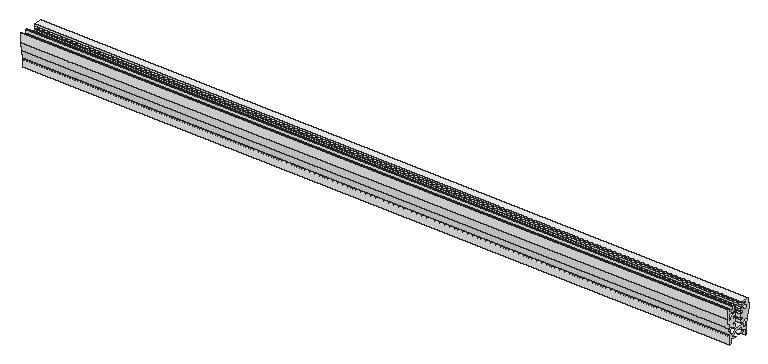
Revit family "2020760 Feilo Sylvania Lighting Fixtures LYTESPAN 3 1M TRACK WHITE", category Lighting Fixtures, host Face, Revit 2017
Family settings
  Host = Face
  Round Connector Dimension = Use Diameter
  Part Type = Normal
  OmniClass Number = 23.80.70.00
  OmniClass Title = Lighting
  Cut with Voids When Loaded = No
  Light Source = No
  Shared = No
  Room Calculation Point = No
Parameters (values of type "2020760 LYTESPAN 3 1M TRACK WHITE")
  _DistributedBy = "//www.feilosylvania.com/en-int/"
  _CurrentRevision = 1
  _CreatedBy = "http://www.feilosylvania.com/en-int/"
  _BimstoreBibleVersion = "15"
  _BimSpecGuid = 0
  _Author = "Viktoria Kollar"
  Weight = "0.91 kg"
  WarrantyStartDate [instance] = ""
  WarrantyGuarantorParts = "n/a"
  WarrantyDurationUnit = "n/a"
  WarrantyDurationParts = "n/a"
  WarrantyDescription = "n/a"
  URL = "http://www.sylvania-lighting.com"
  TypeName = "LYTESPAN 3 1M TRACK WHITE"
  Type Image = 2020760.jpg
  Type Comments = "n/a"
  TransformerRequired = yes
  SerialNumber [instance] = ""
  NominalLength = 1000 mm
  NominalHeight = 45 mm
  NominalDepth = 37 mm
  Name = "LYTESPAN 3 1M TRACK WHITE"
  NBSReference = "n/a"
  NBSOfficeMasterTag = "n/a"
  NBSObjectName = "n/a"
  NBSNote = "n/a"
  NBSDescription = "n/a"
  ModelReference = "LYTESPAN 3 1M TRACK WHITE"
  ModelNumber = "2020760"
  Model = "LYTESPAN 3 1M TRACK WHITE"
  ManufacturerName = "Feilo Sylvania"
  Manufacturer = "Feilo Sylvania"
  LuminaireType = ""
  Lamp = "LED"
  Keynote = "16500"
  InstallationDate [instance] = ""
  InputVoltage = "240V~"
  IfcExportType = "IfcLightFixtureType"
  IfcExportAs = "IfcLightFixtureType"
  Housing material = White aluminium
  ElectricShockClassification = "Class I"
  DocumentationLiterature = "http://www.sylvania-lighting.com/product/en-int/products/2020760"
  Description = "3 Circuit Track, compact venturi trunk profile, extruded aluminium body, suitable for surface mounting and suspending, (LxWxH) 1000x37x45mm, 0.91kg, White RAL 9016, Class 1, maximum installed load: 3x3680W (11040W), fuse: 3x16A, supply cable: 5 x 1.5mm², 400 VAC supply"
  Default Elevation = 0 mm
  CreatedOn = "14/11/2017"
  CreatedBy = ""
  Cost = 0
  Color = "Aluminium white"
  ClassificationValue = "EF_70_80"
  ClassificationName = "Uniclass2015"
  BarCode [instance] = ""
  BIMObjectName = "n/a"
  AssetType = "Fixed"
  AssetIdentifier [instance] = ""
  Assembly Code = "D5020200"
  Apparent Load = 0 VA
Reference planes
  plane 1 "Center (Front/Back)": y = 0
  plane 2: z = 0
  plane 3 "Center (Left/Right)": x = 0
  plane 4: x = -500
  plane 5: x = 500
  plane 6: z = 36.5
  plane 7: z = 18.5
  plane 8: z = 27.5
  plane 9: z = 30
  plane 10: z = 33
  plane 11: z = 45
  plane 12: z = 25
  plane 13: z = 22
  plane 14: y = 5.75
  plane 15: y = -5.75
  plane 16: y = 9.25
  plane 17: y = -9.25
  plane 18: y = 13.25
  plane 19: y = -13.25
  plane 20: y = -14.75
  plane 21: y = 14.75
  plane 22: y = 18.5
  plane 23: y = -18.5
  plane 24: z = 31
  plane 25: y = 16.55
  plane 26: y = -16.55
  plane 27: z = 38.7
  plane 28: y = 7
  plane 29: y = -7
  plane 30: z = 40.9
  plane 31: z = 43.1
Forms (mm)
  Extrusion 1, solid, material "White aluminium" <- "Housing material"
    sketch origin (0, 0, 45) x (0, 1, 0) y (0, 0, 1)
      loop
        line (14.75, -45) -> (14.75, -34.582) -> (16.616, -24) -> (18.5, -12) -> (18.5, 0) -> (7, 0) -> (7, -1.9) -> (13.25, -1.9) -> (13.25, -4.1) -> (7, -4.1) -> (7, -6.3) -> (16.55, -6.3) -> (16.55, -14) -> (13.25, -14) -> (13.25, -12) -> (9.25, -8.5) -> (5.75, -8.5) -> (5.75, -12) -> (9.25, -12) -> (9.25, -15) -> (5.75, -15) -> (5.75, -20) -> (9.25, -20) -> (9.25, -23) -> (5.75, -23) -> (5.75, -26.5) -> (9.25, -26.5) -> (13.25, -23) -> (15.119, -23) -> (15.119, -24) -> (13.383, -33.848) -> (9.529, -33.848) -> (9.529, -30) -> (-4.255, -30) -> (-9.75, -33.848) -> (-13, -33.848) -> (-15.119, -23.803) -> (-15.119, -23) -> (-13.25, -23) -> (-9.25, -26.5) -> (-5.75, -26.5) -> (-5.75, -23) -> (-9.25, -23) -> (-9.25, -20) -> (-5.75, -20) -> (-5.75, -15) -> (-9.25, -15) -> (-9.25, -12) -> (-5.75, -12) -> (-5.75, -8.5) -> (-9.25, -8.5) -> (-13.25, -12) -> (-13.25, -14) -> (-16.55, -14) -> (-16.55, -6.3) -> (-7, -6.3) -> (-7, 0) -> (-9.25, 0) -> (-9.25, -4.1) -> (-16.55, -4.1) -> (-16.55, 0) -> (-18.5, 0) -> (-18.5, -12) -> (-16.616, -24) -> (-14.75, -33.164) -> (-14.75, -45) -> (-13.25, -45) -> (-13.25, -35.764)
        arc (-13.25, -35.764) -> (-9.111, -38.754) -> (-4.329, -40.542) r 19.123
        line (-4.329, -40.542) -> (-4.329, -39.56)
        arc (-4.329, -39.56) -> (-7.777, -38.158) -> (-10.813, -36.003) r 16.148
        line (-10.813, -36.003) -> (-7.392, -36.003) -> (-3.107, -33) -> (7.392, -33) -> (7.392, -36.003) -> (10.813, -36.003)
        arc (10.813, -36.003) -> (7.777, -38.158) -> (4.329, -39.56) r 16.148
        line (4.329, -39.56) -> (4.329, -40.542)
        arc (4.329, -40.542) -> (9.111, -38.754) -> (13.25, -35.764) r 19.123
        line (13.25, -35.764) -> (13.25, -45) -> (14.75, -45)
    from -500 to 500
Dimensions and locks
  "NominalLength": plane 5 to plane 4
  equal spacing: plane 5, plane 3 "Center (Left/Right)", plane 4
  "NominalHeight": plane 11 to host face
  locked: plane 11 to plane 8 at 17.5
  locked: plane 6 to plane 7 at 18
  equal spacing: plane 6, plane 8, plane 7
  locked: plane 13 to plane 7 at 3.5
  locked: plane 6 to plane 10 at 3.5
  equal spacing: plane 9, plane 8, plane 12
  locked: plane 9 to plane 12 at 5
  equal spacing: plane 14, plane 1 "Center (Front/Back)", plane 15
  locked: plane 14 to plane 15 at 11.5
  equal spacing: plane 16, plane 1 "Center (Front/Back)", plane 17
  locked: plane 16 to plane 17 at 18.5
  equal spacing: plane 18, plane 1 "Center (Front/Back)", plane 19
  locked: plane 18 to plane 19 at 26.5
  "NominalDepth": plane 22 to plane 23
  aligned and locked: plane 2 to host face
  aligned and locked: level to host face
  aligned and locked: plane 6 to Extrusion 1  (x3)
  aligned and locked: plane 14 to Extrusion 1  (x3)
  aligned and locked: Extrusion 1 to plane 15  (x3)
  aligned and locked: Extrusion 1 to plane 10  (x2)
  aligned and locked: plane 9 to Extrusion 1  (x2)
  aligned and locked: Extrusion 1 to plane 12  (x2)
  aligned and locked: plane 13 to Extrusion 1  (x2)
  aligned and locked: Extrusion 1 to plane 7  (x2)
  aligned and locked: plane 18 to Extrusion 1
  aligned and locked: Extrusion 1 to plane 19
  aligned and locked: Extrusion 1 to plane 20
  aligned and locked: plane 21 to Extrusion 1
  aligned and locked: plane 25 to Extrusion 1
  aligned and locked: Extrusion 1 to plane 26
  aligned and locked: Extrusion 1 sketch curve to plane 27  (x2)
  aligned and locked: plane 26 to Extrusion 1 sketch curve
  aligned and locked: Extrusion 1 sketch curve to plane 26
  aligned and locked: Extrusion 1 sketch curve to plane 23
  aligned and locked: plane 11 to Extrusion 1 sketch curve  (x3)
  aligned and locked: plane 30 to Extrusion 1 sketch curve  (x2)
  aligned and locked: plane 17 to Extrusion 1 sketch curve
  aligned and locked: Extrusion 1 sketch curve to plane 29
  aligned and locked: plane 28 to Extrusion 1 sketch curve  (x2)
  aligned and locked: plane 18 to Extrusion 1 sketch curve
  aligned and locked: Extrusion 1 sketch curve to plane 31
  aligned and locked: Extrusion 1 sketch curve to plane 22
  aligned and locked: Extrusion 1 to plane 4
  aligned and locked: plane 5 to Extrusion 1
Automatic sketch dimensions
  host sketch curve to host sketch curve = 2438.4 mm  (x2)
  Extrusion 1 sketch curve to plane 24 = 0 mm  (x2)
  Extrusion 1 sketch curve to plane 13 = 0 mm  (x4)
  Extrusion 1 sketch curve to plane 20 = 0 mm
  Extrusion 1 sketch curve to plane 19 = 0 mm  (x3)
  Extrusion 1 sketch curve to plane 10 = 0 mm  (x6)
  Extrusion 1 sketch curve to level = 0 mm  (x2)
  Extrusion 1 sketch curve to plane 17 = 0 mm  (x4)
  Extrusion 1 sketch curve to plane 6 = 0 mm  (x2)
  Extrusion 1 sketch curve to plane 7 = 0 mm  (x2)
  Extrusion 1 sketch curve to plane 9 = 0 mm  (x2)
  Extrusion 1 sketch curve to plane 15 = 0 mm  (x3)
  Extrusion 1 sketch curve to plane 12 = 0 mm  (x2)
  Extrusion 1 sketch curve to plane 14 = 0 mm  (x3)
  Extrusion 1 sketch curve to plane 16 = 0 mm  (x4)
  Extrusion 1 sketch curve to plane 18 = 0 mm  (x3)
  Extrusion 1 sketch curve to plane 21 = 0 mm
  Extrusion 1 sketch curve to plane 25 = 0 mm
  Extrusion 1 sketch curve to plane 26 = 0.066 mm
  plane 20 to Extrusion 1 sketch curve = 0.369 mm
  plane 19 to Extrusion 1 sketch curve = 0.25 mm
  Extrusion 1 sketch curve to plane 17 = 1.563 mm
  Extrusion 1 sketch curve to plane 17 = 0.5 mm
  Extrusion 1 sketch curve to plane 29 = 0.392 mm
  plane 15 to Extrusion 1 sketch curve = 1.421 mm
  plane 15 to Extrusion 1 sketch curve = 1.495 mm
  plane 15 to Extrusion 1 sketch curve = 2.643 mm
  Extrusion 1 sketch curve to plane 1 "Center (Front/Back)" = 0.082 mm
  Extrusion 1 sketch curve to plane 1 "Center (Front/Back)" = 0.01 mm
  plane 1 "Center (Front/Back)" to Extrusion 1 sketch curve = 0.01 mm
  plane 1 "Center (Front/Back)" to Extrusion 1 sketch curve = 0.082 mm
  Extrusion 1 sketch curve to plane 14 = 1.421 mm
  plane 28 to Extrusion 1 sketch curve = 0.392 mm
  plane 16 to Extrusion 1 sketch curve = 0.279 mm
  plane 16 to Extrusion 1 sketch curve = 1.563 mm
  plane 18 to Extrusion 1 sketch curve = 0.133 mm
  Extrusion 1 sketch curve to plane 21 = 0.369 mm
  plane 25 to Extrusion 1 sketch curve = 0.066 mm
  Extrusion 1 sketch curve to plane 13 = 1.104 mm
  Extrusion 1 sketch curve to Extrusion 1 sketch curve = 0 mm  (x2)
  plane 13 to Extrusion 1 sketch curve = 0.803 mm
  plane 13 to Extrusion 1 sketch curve = 1 mm  (x4)
  plane 7 to Extrusion 1 sketch curve = 3.5 mm
  Extrusion 1 sketch curve to Extrusion 1 sketch curve = 3 mm
  plane 7 to Extrusion 1 sketch curve = 6.664 mm
  Extrusion 1 sketch curve to Extrusion 1 sketch curve = 0.684 mm
  Extrusion 1 sketch curve to Extrusion 1 sketch curve = 3.848 mm
  Extrusion 1 sketch curve to Extrusion 1 sketch curve = 0.734 mm
  Extrusion 1 sketch curve to Extrusion 1 sketch curve = 1.181 mm
  Extrusion 1 sketch curve to Extrusion 1 sketch curve = 1.916 mm
  Extrusion 1 sketch curve to Extrusion 1 sketch curve = 2.155 mm
  Extrusion 1 sketch curve to Extrusion 1 sketch curve = 0.24 mm
Connectors
  electrical at (0, 0, 0)
    settings: on host face, index 1, voltage 0 V, apparent load 0 VA, apparent load phase1 0 VA, apparent load phase2 0 VA, apparent load phase3 0 VA, power factor 1, load classification "Other", number of poles 1, system type 31, power factor state 1, is connector primary yes, connector utility no, sub classification motor no, connector description ""
